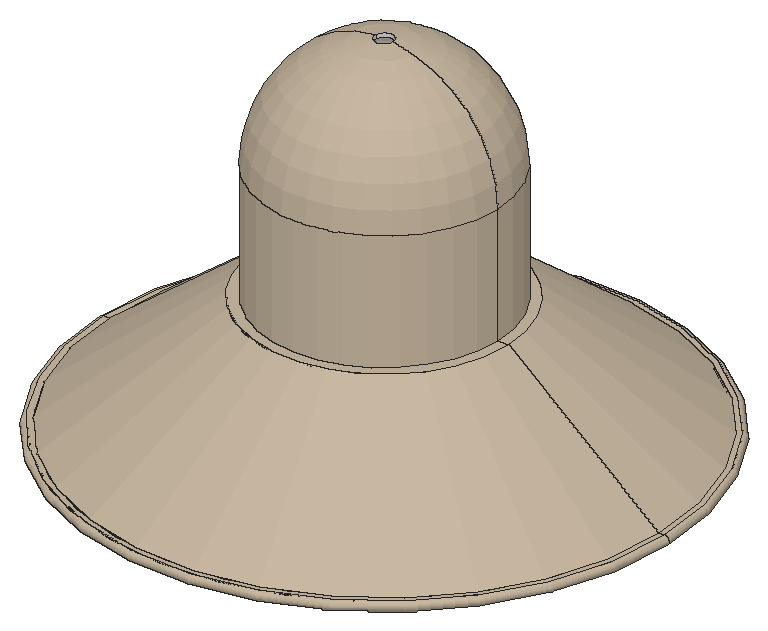
Revit family "SBC16 SHADE", category Lighting Fixtures, Revit 2024
Family settings
  Round Connector Dimension = Use Diameter
  Part Type = Normal
  OmniClass Number = 23.80.70.00
  OmniClass Title = Lighting
  Work Plane-Based = No
  Always vertical = Yes
  Cut with Voids When Loaded = No
  Light Source = Yes
  Maintain Annotation Orientation = No
  Shared = No
  Room Calculation Point = No
Parameters
  Wattage = 12.1178 W
  built-in parameter 1150110 = 1 (stored number, unit not read)
  built-in parameter 1114217 = 1 (stored number, unit not read)
  built-in parameter 1150109 = 1 (stored number, unit not read)
  built-in parameter 1150134 = (empty or 0)
  built-in parameter 1150113 = 1 (stored number, unit not read)
  Lumens = 1800 lm
  built-in parameter 1150115 = 1 (stored number, unit not read)
  built-in parameter 1150105 = 572.96 (stored number, unit not read)
  Light Source Symbol Size = 2' - 0"
  built-in parameter 1150137 = (empty or 0)
  built-in parameter 1150139 = (empty or 0)
  built-in parameter 1150112 = 1 (stored number, unit not read)
  built-in parameter 1150114 = 1 (stored number, unit not read)
  built-in parameter 1150132 = 2
  built-in parameter 1150102 = (empty or 0)
  built-in parameter 1150138 = (empty or 0)
  built-in parameter 1150107 = 3000 (stored number, unit not read)
  built-in parameter 1150106 = 5.7296 (stored number, unit not read)
  built-in parameter 1150104 = 13.8 (stored number, unit not read)
  Dimming Lamp Color Temperature Shift = (empty or 0)
  Default Elevation = 0' - 0"
  Color Filter = 16777215
  built-in parameter 1114218 = 1 (stored number, unit not read)
  built-in parameter 1150133 = 10 (stored number, unit not read)
Reference planes (in)
  plane 1 "Light Source Axis (F/B)": y = 0
  plane 2: z = 0
  plane 3 "Light Source Axis (L/R)": x = 0
  plane 4 "Light Source Elevation": z = 54
Forms (in)
  Revolve 1, solid
    sketch origin (0, 0, 0) x (1, 0, 0) y (0, 0, 1)
      loop
        line (-7.75078, 54.11106) -> (-3.45518, 57.40625) -> (-3.09375, 57.40625) -> (-3.09375, 60.8125)
        arc (-3.09375, 60.8125) -> (-2.27428, 62.90986) -> (-0.25, 63.89613) r 3.09375
        line (-0.25, 63.89613) -> (-0.25, 63.99018)
        arc (-0.25, 63.99018) -> (-2.34062, 62.97621) -> (-3.1875, 60.8125) r 3.1875
        line (-3.1875, 60.8125) -> (-3.1875, 57.5) -> (-3.487, 57.5) -> (-7.72369, 54.25) -> (-7.875, 54.25)
        arc (-7.875, 54.25) -> (-7.96819, 54.04168) -> (-7.75078, 54.11106) r 0.125
      axis (0, 63.99018) -> (0, 54.11106)
    angle from 0 to 360
Dimensions and locks (in)
  aligned and locked: plane 3 "Light Source Axis (L/R)" to imposter light
  aligned and locked: plane 1 "Light Source Axis (F/B)" to imposter light
  aligned and locked: plane 4 "Light Source Elevation" to imposter light
  aligned and locked: level to plane 2
